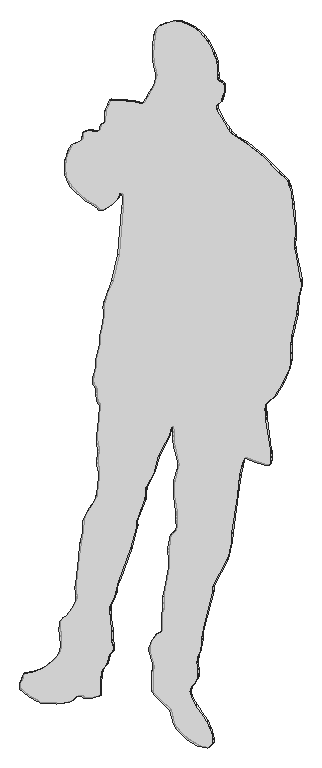
Revit family "Flat Man 19", category Entourage, Revit 2015
Parameters
  Flat Material [instance] = none
  Height = 0 mm
Reference planes
  plane 1 "Center (Front/Back)": y = 0
  plane 2: z = 0
  plane 3 "Center (Left/Right)": x = 0
Forms (mm)
  Extrusion 1, solid, material <- "Flat Material"
    sketch origin (0, 0, 0) x (1, 0, 0) y (0, 0, 1)
      loop
        line (-71.632, 1204.451) -> (-82.199, 1088.094) -> (-98.994, 1018.962) -> (-113.356, 981.707) -> (-120.704, 959.848) -> (-122.724, 951.195) -> (-123.109, 947.824) -> (-123.119, 946.425) -> (-122.996, 945.236) -> (-122.071, 936.584) -> (-122.163, 927.634) -> (-124.627, 909.237) -> (-133.283, 873.226) -> (-133.283, 856.085) -> (-143.57, 811.506) -> (-143.57, 794.358) -> (-149.772, 773.239) -> (-151.049, 767.086) -> (-151.743, 760.991) -> (-151.616, 755.156) -> (-151.171, 752.401) -> (-150.278, 749.248) -> (-149.083, 747.683) -> (-146.986, 745.499) -> (-144.895, 743.315) -> (-143.709, 741.746) -> (-142.532, 737.256) -> (-142.034, 733.437) -> (-141.924, 726.115) -> (-141.781, 719.054) -> (-141.239, 715.563) -> (-139.995, 711.601) -> (-138.765, 710.257) -> (-136.629, 708.446) -> (-134.533, 706.729) -> (-133.237, 705.416) -> (-136.219, 671.176) -> (-140.916, 626.842) -> (-140.815, 620.273) -> (-139.172, 606.757) -> (-137.585, 593.173) -> (-137.554, 586.519) -> (-138.428, 580.045) -> (-139.094, 575.827) -> (-139.386, 571.118) -> (-139.091, 561.046) -> (-136.712, 544.047) -> (-136.327, 541.459) -> (-136.131, 538.125) -> (-136.238, 529.66) -> (-137.96, 508.672) -> (-140.773, 488.225) -> (-142.242, 480.437) -> (-143.57, 475.462) -> (-151.301, 459.243) -> (-160.876, 443.454) -> (-170.37, 427.382) -> (-177.862, 410.31) -> (-179.575, 382.879) -> (-185.818, 350.53) -> (-189.43, 316.15) -> (-198.435, 247.433) -> (-199.306, 241.581) -> (-199.336, 236.11) -> (-198.055, 225.952) -> (-196.964, 216.248) -> (-197.231, 211.344) -> (-197.698, 208.84) -> (-198.435, 206.286) -> (-203.033, 195.282) -> (-209.049, 184.005) -> (-222.437, 163.424) -> (-231.63, 153.747) -> (-236.236, 148.65) -> (-238.126, 145.863) -> (-239.582, 142.85) -> (-241.084, 138.104) -> (-242.036, 133.325) -> (-242.61, 123.689) -> (-240.722, 104.241) -> (-239.121, 84.808) -> (-239.376, 79.988) -> (-240.056, 75.192) -> (-241.241, 70.425) -> (-243.014, 65.692) -> (-250.077, 52.861) -> (-259.582, 40.088) -> (-283.855, 15.81) -> (-311.71, -4.958) -> (-339.026, -20.033) -> (-343.069, -33.731) -> (-345.917, -40.515) -> (-347.547, -43.396) -> (-349.313, -45.748) -> (-349.313, -59.684) -> (-348.067, -60.992) -> (-347.129, -61.769) -> (-345.997, -62.551) -> (-339.803, -65.671) -> (-322.145, -71.279) -> (-303.069, -74.838) -> (-295.103, -75.395) -> (-291.88, -75.289) -> (-289.306, -74.895) -> (-249.46, -63.038) -> (-230.499, -55.135) -> (-213.867, -45.748) -> (-210.698, -43.249) -> (-207.687, -40.278) -> (-201.919, -33.578) -> (-196.125, -26.961) -> (-193.081, -24.095) -> (-189.865, -21.743) -> (-188.899, -21.229) -> (-187.914, -20.853) -> (-186.915, -20.599) -> (-185.904, -20.453) -> (-183.866, -20.425) -> (-181.834, -20.65) -> (-177.922, -21.394) -> (-176.108, -21.676) -> (-174.433, -21.743) -> (-171.886, -21.468) -> (-169.209, -20.918) -> (-163.563, -19.109) -> (-151.775, -13.509) -> (-131.57, -1.169) -> (-130.334, 6.212) -> (-129.756, 13.792) -> (-129.597, 29.341) -> (-129.138, 45.067) -> (-128.186, 52.867) -> (-126.425, 60.557) -> (-125.226, 63.798) -> (-123.681, 66.812) -> (-119.95, 72.353) -> (-112.71, 82.84) -> (-111.213, 86.296) -> (-110.11, 89.79) -> (-108.539, 96.799) -> (-106.91, 103.686) -> (-105.735, 107.028) -> (-104.139, 110.271) -> (-99.587, 116.02) -> (-97.138, 119.199) -> (-96.196, 120.762) -> (-95.836, 121.525) -> (-95.565, 122.27) -> (-95.146, 123.942) -> (-94.883, 125.617) -> (-94.764, 128.955) -> (-95.086, 132.24) -> (-95.726, 135.427) -> (-98.994, 146.283) -> (-98.994, 166.856) -> (-103.707, 198.051) -> (-104.947, 215.306) -> (-104.86, 222.115) -> (-104.587, 224.785) -> (-104.139, 226.86) -> (-92.136, 252.582) -> (-88.471, 263.316) -> (-86.136, 273.941) -> (-83.8, 284.601) -> (-80.134, 295.444) -> (-47.558, 386.311) -> (-32.129, 442.89) -> (-31.766, 445.38) -> (-31.717, 447.787) -> (-32.023, 452.561) -> (-32.102, 455.037) -> (-31.952, 457.644) -> (-31.434, 460.434) -> (-30.413, 463.463) -> (-9.84, 520.041) -> (-8.317, 528.779) -> (-7.847, 536.708) -> (-7.088, 544.448) -> (-6.181, 548.441) -> (-4.698, 552.621) -> (14.162, 588.626) -> (27.881, 640.055) -> (47.36, 678.328) -> (56.674, 698.749) -> (60.065, 709.479) -> (62.17, 720.632) -> (65.599, 720.632) -> (66.481, 709.93) -> (66.386, 698.517) -> (66.755, 686.592) -> (67.564, 680.498) -> (69.028, 674.351) -> (76.23, 652.488) -> (79.077, 639.888) -> (79.62, 633.788) -> (79.314, 628.056) -> (69.028, 592.051) -> (67.716, 584.445) -> (67.271, 575.42) -> (68.364, 555.031) -> (74.169, 518.325) -> (74.659, 514.674) -> (74.717, 510.789) -> (74.243, 502.792) -> (74.162, 495.276) -> (74.368, 493.583) -> (74.71, 491.993) -> (75.208, 490.522) -> (75.886, 489.185) -> (75.289, 481.661) -> (74.658, 478.607) -> (73.84, 475.945) -> (72.859, 473.616) -> (71.742, 471.563) -> (69.202, 468.044) -> (63.62, 461.711) -> (60.99, 457.953) -> (59.805, 455.72) -> (58.741, 453.173) -> (56.85, 446.338) -> (55.655, 439.196) -> (52.546, 418.865) -> (52.432, 412.507) -> (53.74, 400.685) -> (54.975, 388.961) -> (54.772, 382.725) -> (53.596, 376.021) -> (40.439, 307.274) -> (39.955, 299.866) -> (39.826, 284.644) -> (38.866, 270.106) -> (37.343, 263.553) -> (36.193, 260.536) -> (34.736, 257.723) -> (34.736, 214.86) -> (22.736, 204.57) -> (10.958, 186.59) -> (5.746, 176.519) -> (2.159, 166.856) -> (1.317, 162.496) -> (1.108, 158.24) -> (1.433, 154.086) -> (2.193, 150.033) -> (7.592, 134.789) -> (10.313, 127.721) -> (11.331, 124.32) -> (11.988, 121.003) -> (12.185, 117.77) -> (12.08, 116.185) -> (11.822, 114.619) -> (11.399, 113.074) -> (10.799, 111.548) -> (10.009, 110.042) -> (9.017, 108.555) -> (9.017, 58.521) -> (11.52, 56.451) -> (16.722, 52.942) -> (31.947, 44.078) -> (58.741, 29.694) -> (67.312, -1.169) -> (70.6, -4.611) -> (74.483, -8.024) -> (83.813, -14.565) -> (94.85, -20.398) -> (107.145, -25.13) -> (120.247, -28.366) -> (133.707, -29.714) -> (140.429, -29.557) -> (147.073, -28.779) -> (153.58, -27.333) -> (159.895, -25.168) -> (161.099, -24.595) -> (162.238, -23.903) -> (164.346, -22.217) -> (168.092, -18.046) -> (171.597, -13.58) -> (173.404, -11.525) -> (175.327, -9.743) -> (174.714, 0.84) -> (173.1, 10.202) -> (170.607, 18.486) -> (167.356, 25.835) -> (163.471, 32.392) -> (159.071, 38.299) -> (149.217, 48.739) -> (128.702, 68.12) -> (124.115, 73.487) -> (119.988, 79.349) -> (116.444, 85.849) -> (113.603, 93.13) -> (113.356, 94.134) -> (113.233, 95.182) -> (113.226, 96.273) -> (113.329, 97.402) -> (113.836, 99.765) -> (114.698, 102.247) -> (117.264, 107.473) -> (120.581, 112.887) -> (127.691, 123.505) -> (130.592, 128.325) -> (131.684, 130.527) -> (132.464, 132.56) -> (133.962, 138.913) -> (134.533, 144.891) -> (133.891, 156.03) -> (132.536, 166.578) -> (132.215, 171.82) -> (132.464, 177.139) -> (133.932, 184.666) -> (136.263, 192.403) -> (141.038, 206.286) -> (144.001, 220.237) -> (145.322, 234.01) -> (146.644, 247.638) -> (149.608, 261.149) -> (175.327, 360.589) -> (175.327, 372.596) -> (213.044, 449.747) -> (217.167, 461.084) -> (220.062, 473.556) -> (225.047, 497.752) -> (226.763, 520.041) -> (241.748, 618.436) -> (248.479, 668.391) -> (253.738, 691.893) -> (261.052, 713.774) -> (296.684, 715.351) -> (314.546, 716.566) -> (318.225, 717.24) -> (321.443, 718.123) -> (324.127, 719.243) -> (325.246, 719.902) -> (326.204, 720.632) -> (328.656, 721.911) -> (329.972, 722.839) -> (330.56, 724.586) -> (331.651, 728.627) -> (332.02, 732.183) -> (332.404, 740.927) -> (332.259, 750.672) -> (331.913, 754.964) -> (331.346, 758.36) -> (318.47, 827.97) -> (318.233, 831.904) -> (318.648, 838.658) -> (318.791, 841.709) -> (318.553, 844.695) -> (318.211, 846.2) -> (317.679, 847.733) -> (316.923, 849.307) -> (315.914, 850.936) -> (316.25, 854.816) -> (316.946, 858.393) -> (317.965, 861.698) -> (319.268, 864.761) -> (322.577, 870.286) -> (326.572, 875.212) -> (335.405, 884.24) -> (339.639, 888.831) -> (343.349, 893.799) -> (365.177, 933.529) -> (382.782, 976.099) -> (385.423, 985.984) -> (386.758, 995.631) -> (387.101, 1014.669) -> (386.999, 1034.14) -> (387.777, 1044.326) -> (389.64, 1054.967) -> (403.356, 1113.261) -> (406.785, 1154.408) -> (412.573, 1176.09) -> (414.429, 1188.854) -> (414.457, 1194.996) -> (413.642, 1200.703) -> (398.211, 1265.848) -> (397.159, 1272.537) -> (396.835, 1279.609) -> (397.514, 1294.112) -> (398.542, 1307.771) -> (398.653, 1313.789) -> (398.211, 1319.001) -> (392.116, 1376.613) -> (387.475, 1405.641) -> (383.963, 1417.651) -> (381.81, 1422.71) -> (379.353, 1427.016) -> (378.317, 1428.379) -> (377.12, 1429.644) -> (374.317, 1431.916) -> (367.58, 1435.705) -> (353.635, 1442.441) -> (311.909, 1465.496) -> (264.481, 1483.594) -> (255.298, 1485.4) -> (246.574, 1486.252) -> (238.232, 1487.49) -> (234.179, 1488.672) -> (230.192, 1490.452) -> (224.492, 1494.119) -> (218.554, 1498.945) -> (206.513, 1510.842) -> (185.613, 1535.024) -> (185.613, 1545.314) -> (186.135, 1546.32) -> (186.785, 1547.322) -> (188.403, 1549.322) -> (192.392, 1553.393) -> (196.421, 1557.708) -> (198.088, 1560.016) -> (198.77, 1561.218) -> (199.329, 1562.455) -> (202.27, 1574.163) -> (203.681, 1579.627) -> (204.744, 1582.235) -> (206.186, 1584.751) -> (206.578, 1595.19) -> (206.189, 1599.121) -> (205.765, 1600.777) -> (204.226, 1604.455) -> (200.393, 1606.107) -> (198.501, 1606.607) -> (196.28, 1606.927) -> (190.758, 1607.041) -> (189.077, 1613.52) -> (188.152, 1619.75) -> (187.529, 1631.811) -> (186.807, 1643.915) -> (185.757, 1650.2) -> (183.9, 1656.754) -> (178.223, 1670.031) -> (170.899, 1681.896) -> (161.878, 1692.231) -> (156.717, 1696.788) -> (151.112, 1700.916) -> (138.55, 1707.832) -> (124.144, 1712.858) -> (107.844, 1715.875) -> (89.601, 1716.765) -> (87.264, 1715.456) -> (84.788, 1714.481) -> (79.564, 1713.121) -> (74.216, 1711.869) -> (71.584, 1711.028) -> (69.028, 1709.907) -> (42.745, 1694.302) -> (30.27, 1684.453) -> (25.112, 1679.234) -> (21.02, 1673.902) -> (19.312, 1670.683) -> (17.751, 1666.605) -> (15.091, 1656.331) -> (11.757, 1630.485) -> (11.341, 1603.63) -> (12.327, 1592.096) -> (14.162, 1583.035) -> (18.099, 1570.52) -> (19.572, 1562.783) -> (19.723, 1559.051) -> (19.594, 1557.283) -> (19.307, 1555.604) -> (13, 1534.565) -> (4.637, 1515.157) -> (-14.981, 1480.162) -> (-38.334, 1477.286) -> (-60.931, 1471.385) -> (-104.139, 1457.879) -> (-117.855, 1423.583) -> (-119.567, 1397.869) -> (-119.919, 1397.089) -> (-120.377, 1396.354) -> (-120.926, 1395.657) -> (-121.552, 1394.992) -> (-124.541, 1392.554) -> (-127.614, 1390.2) -> (-128.896, 1388.945) -> (-129.422, 1388.278) -> (-129.854, 1387.579) -> (-131.971, 1382.628) -> (-133.491, 1377.691) -> (-134.907, 1372.983) -> (-136.712, 1368.721) -> (-153.675, 1364.681) -> (-162.309, 1361.955) -> (-166.088, 1360.311) -> (-169.288, 1358.438) -> (-171.58, 1357.462) -> (-173.454, 1356.339) -> (-174.958, 1355.079) -> (-176.142, 1353.694) -> (-177.054, 1352.193) -> (-177.743, 1350.587) -> (-178.643, 1347.1) -> (-179.895, 1339.316) -> (-181.023, 1335.183) -> (-181.882, 1333.093) -> (-183.003, 1331) -> (-207.009, 1313.852) -> (-212.832, 1304.552) -> (-218.263, 1293.218) -> (-222.881, 1280.45) -> (-226.263, 1266.85) -> (-227.989, 1253.017) -> (-227.636, 1239.553) -> (-226.549, 1233.146) -> (-224.783, 1227.056) -> (-222.287, 1221.358) -> (-219.008, 1216.128) -> (-217.385, 1214.216) -> (-215.307, 1212.212) -> (-210.007, 1208.016) -> (-196.373, 1199.498) -> (-181.627, 1192.01) -> (-169.288, 1186.987) -> (-164.763, 1185.778) -> (-160.113, 1184.975) -> (-150.824, 1183.852) -> (-142.195, 1182.153) -> (-138.369, 1180.63) -> (-136.621, 1179.62) -> (-134.999, 1178.413) -> (-133.121, 1178.593) -> (-131.16, 1179.007) -> (-127.028, 1180.492) -> (-122.67, 1182.767) -> (-118.156, 1185.731) -> (-108.931, 1193.324) -> (-99.902, 1202.466) -> (-84.623, 1222.176) -> (-79.47, 1231.133) -> (-77.754, 1235.034) -> (-76.705, 1238.417) -> (-73.079, 1237.703) -> (-71.394, 1236.589) -> (-71, 1235.29) -> (-70.645, 1232.877) -> (-70.47, 1225.554) -> (-71.632, 1204.451)
    from -2.5 to 2.5
Lines and regions (mm)
  model lines
    curve 1: line (-150, 0, 0) -> (150, 0, 0)
    curve 2: line (0, -150, 0) -> (0, 150, 0)
Dimensions and locks
  aligned and locked: level to plane 2
